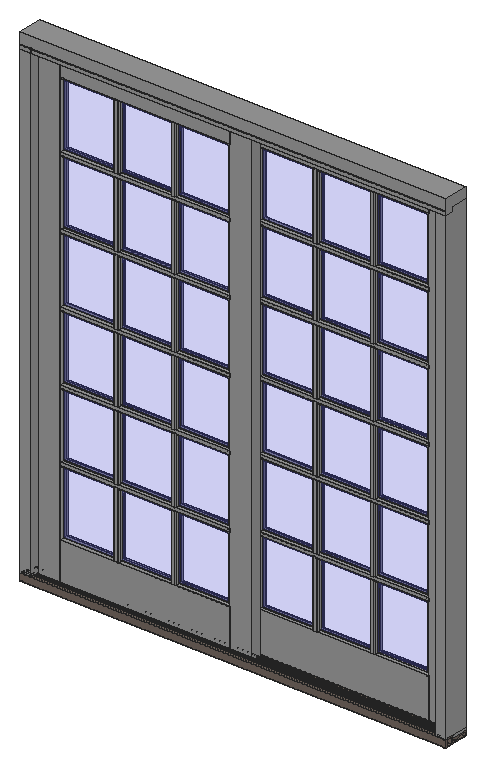
Revit family "VSDA1.8SP RH", category Doors, host Wall, Revit 2015 (continued)
Automatic sketch dimensions
  Extrusion 5 sketch curve to Extrusion 5 sketch curve = 0 mm
  Extrusion 5 sketch curve to Extrusion 5 sketch curve = 7 mm
  Extrusion 5 sketch curve to Extrusion 5 sketch curve = 17 mm
  Extrusion 5 sketch curve to Extrusion 5 sketch curve = 3 mm  (x3)
  plane 5 to Extrusion 5 sketch curve = 65 mm
  Extrusion 5 sketch curve to Extrusion 5 sketch curve = 3.5 mm
  Extrusion 5 sketch curve to Extrusion 5 sketch curve = 12.5 mm
  Extrusion 6 sketch curve to plane 3 "Left" = 0 mm
  Extrusion 6 sketch curve to plane 4 "Right" = 0 mm
  Extrusion 6 sketch curve to plane 3 "Left" = 43 mm
  host wall to Extrusion 6 sketch curve = 19.5 mm  (x2)
  Extrusion 6 sketch curve to plane 3 "Left" = 45 mm
  plane 4 "Right" to Extrusion 6 sketch curve = 45 mm
  Extrusion 6 sketch curve to Extrusion 6 sketch curve = 2 mm
  Extrusion 6 sketch curve to host wall = 32.5 mm  (x2)
  Extrusion 6 sketch curve to Extrusion 6 sketch curve = 20 mm  (x2)
  host wall to Extrusion 7 sketch curve = 15.5 mm  (x2)
  Extrusion 7 sketch curve to plane 3 "Left" = 45 mm
  Extrusion 7 sketch curve to Extrusion 7 sketch curve = 96 mm
  Extrusion 7 sketch curve to Extrusion 7 sketch curve = 0 mm  (x3)
  Extrusion 7 sketch curve to Extrusion 7 sketch curve = 0.473 mm  (x5)
  Extrusion 7 sketch curve to Extrusion 7 sketch curve = 6.527 mm  (x4)
  Extrusion 7 sketch curve to Extrusion 7 sketch curve = 2 mm  (x10)
  Extrusion 7 sketch curve to host wall = 4 mm  (x2)
  Extrusion 7 sketch curve to plane 2 "Center (Left/Right)" = 52.5 mm
  host wall to Extrusion 7 sketch curve = 7.5 mm  (x2)
  Extrusion 7 sketch curve to Extrusion 7 sketch curve = 9 mm  (x2)
  plane 2 "Center (Left/Right)" to Extrusion 7 sketch curve = 43.5 mm
  Extrusion 7 sketch curve to host wall = 36 mm
  plane 4 "Right" to Extrusion 7 sketch curve = 150 mm
  plane 4 "Right" to Extrusion 7 sketch curve = 45 mm
  Extrusion 7 sketch curve to Extrusion 7 sketch curve = 1.468 mm  (x2)
  Extrusion 7 sketch curve to host wall = 24.5 mm  (x2)
  Extrusion 7 sketch curve to Extrusion 7 sketch curve = 6.5 mm
  Extrusion 7 sketch curve to host wall = 31 mm
  Extrusion 7 sketch curve to Extrusion 7 sketch curve = 6 mm
  host wall to Extrusion 8 sketch curve = 15.5 mm  (x7)
  Extrusion 8 sketch curve to Extrusion 8 sketch curve = 2 mm  (x28)
  host wall to Extrusion 8 sketch curve = 7.5 mm  (x12)
  host wall to Extrusion 8 sketch curve = 6.697 mm  (x12)
  Extrusion 8 sketch curve to Extrusion 8 sketch curve = 1.197 mm  (x8)
  Extrusion 8 sketch curve to host wall = 24.5 mm  (x7)
  level to Extrusion 8 sketch curve = 19 mm
  Extrusion 8 sketch curve to Extrusion 8 sketch curve = 171 mm
  Extrusion 8 sketch curve to Extrusion 8 sketch curve = 0 mm  (x4)
  Extrusion 8 sketch curve to Extrusion 8 sketch curve = 0.241 mm  (x12)
  Extrusion 8 sketch curve to Extrusion 8 sketch curve = 266 mm  (x5)
  Extrusion 8 sketch curve to Extrusion 8 sketch curve = 6.759 mm  (x6)
  Extrusion 8 sketch curve to Extrusion 8 sketch curve = 13 mm  (x7)
  plane 5 to Extrusion 8 sketch curve = 150 mm
  plane 5 to Extrusion 8 sketch curve = 45 mm
  Extrusion 9 sketch curve to host wall = 31 mm  (x7)
  Extrusion 9 sketch curve to Extrusion 9 sketch curve = 2 mm  (x28)
  Extrusion 9 sketch curve to Extrusion 9 sketch curve = 6 mm  (x12)
  Extrusion 9 sketch curve to Extrusion 9 sketch curve = 0.803 mm  (x8)
  Extrusion 9 sketch curve to Extrusion 9 sketch curve = 6.803 mm  (x4)
  Extrusion 9 sketch curve to Extrusion 9 sketch curve = 1.197 mm  (x8)
  Extrusion 9 sketch curve to host wall = 4 mm  (x7)
  level to Extrusion 9 sketch curve = 19 mm
  Extrusion 9 sketch curve to Extrusion 9 sketch curve = 171 mm
  Extrusion 9 sketch curve to Extrusion 9 sketch curve = 0 mm  (x4)
  Extrusion 9 sketch curve to Extrusion 9 sketch curve = 0.241 mm  (x12)
  Extrusion 9 sketch curve to Extrusion 9 sketch curve = 266 mm  (x5)
  Extrusion 9 sketch curve to Extrusion 9 sketch curve = 6.759 mm  (x6)
  Extrusion 9 sketch curve to Extrusion 9 sketch curve = 13 mm  (x7)
  plane 5 to Extrusion 9 sketch curve = 150 mm
  plane 5 to Extrusion 9 sketch curve = 45 mm
  Sweep 10 sketch curve to Sweep 10 sketch curve = 233.167 mm
  Sweep 10 sketch curve to Sweep 10 sketch curve = 284 mm
  profile plane to Sweep 10 sketch curve = 0 mm
  profile plane to Sweep 10 sketch curve = 0.241 mm
  Sweep 10 sketch curve to Sweep 10 sketch curve = 6.759 mm
  Sweep 10 sketch curve to Sweep 10 sketch curve = 2 mm  (x2)
  Sweep 10 sketch curve to profile plane = 132.5 mm
  Sweep 10 sketch curve to Sweep 10 sketch curve = 6 mm
  plane 2 "Center (Left/Right)" to Extrusion 11 sketch curve = 43.5 mm  (x2)
  Extrusion 11 sketch curve to Extrusion 11 sketch curve = 0 mm  (x22)
  Extrusion 11 sketch curve to Extrusion 11 sketch curve = 233.167 mm  (x6)
  Extrusion 11 sketch curve to Extrusion 11 sketch curve = 13 mm  (x20)
  plane 4 "Right" to Extrusion 11 sketch curve = 141.01 mm  (x3)
  level to Extrusion 11 sketch curve = 190 mm  (x3)
  Extrusion 11 sketch curve to Extrusion 11 sketch curve = 283.988 mm  (x5)
  Extrusion 11 sketch curve to Extrusion 11 sketch curve = 0.012 mm  (x5)
  Extrusion 11 sketch curve to Extrusion 11 sketch curve = 13.012 mm  (x4)
  plane 5 to Extrusion 11 sketch curve = 141.012 mm
  plane 5 to Extrusion 11 sketch curve = 141 mm
  curve 4 to plane 2 "Center (Left/Right)" = 309.078 mm
  curve 1 to curve 4 = 139.078 mm
  level to curve 4 = 868.809 mm
  curve 3 to curve 2 = 56.191 mm
  curve 3 to curve 3 = 112.382 mm
  curve 1 to plane 3 "Left" = 260 mm
  curve 1 to curve 2 = 56.191 mm
  Extrusion 12 sketch curve to host wall = 34 mm  (x2)
  plane 2 "Center (Left/Right)" to Extrusion 12 sketch curve = 267.667 mm
  Extrusion 12 sketch curve to Extrusion 12 sketch curve = 2 mm  (x9)
  Extrusion 12 sketch curve to Extrusion 12 sketch curve = 6.759 mm  (x4)
  Extrusion 12 sketch curve to Extrusion 12 sketch curve = 0.241 mm  (x6)
  Extrusion 12 sketch curve to host wall = 4 mm  (x2)
  Extrusion 12 sketch curve to Extrusion 12 sketch curve = 13 mm  (x3)
  Extrusion 12 sketch curve to Extrusion 12 sketch curve = 215.167 mm
  Extrusion 12 sketch curve to Extrusion 12 sketch curve = 0 mm  (x2)
  Extrusion 12 sketch curve to Extrusion 12 sketch curve = 1.197 mm  (x5)
  Extrusion 12 sketch curve to Extrusion 12 sketch curve = 0.803 mm
  Extrusion 13 sketch curve to host wall = 34 mm  (x2)
  plane 2 "Center (Left/Right)" to Extrusion 13 sketch curve = 267.667 mm
  Extrusion 13 sketch curve to Extrusion 13 sketch curve = 2 mm  (x9)
  Extrusion 13 sketch curve to Extrusion 13 sketch curve = 6.759 mm  (x4)
  Extrusion 13 sketch curve to Extrusion 13 sketch curve = 0.241 mm  (x6)
  Extrusion 13 sketch curve to host wall = 4 mm  (x2)
  Extrusion 13 sketch curve to Extrusion 13 sketch curve = 13 mm  (x3)
  Extrusion 13 sketch curve to Extrusion 13 sketch curve = 215.167 mm
  Extrusion 13 sketch curve to Extrusion 13 sketch curve = 0 mm  (x2)
  Extrusion 13 sketch curve to Extrusion 13 sketch curve = 1.197 mm  (x5)
  Extrusion 13 sketch curve to Extrusion 13 sketch curve = 0.803 mm
  Extrusion 14 sketch curve to host wall = 34 mm  (x2)
  plane 2 "Center (Left/Right)" to Extrusion 14 sketch curve = 267.667 mm
  Extrusion 14 sketch curve to Extrusion 14 sketch curve = 2 mm  (x9)
  Extrusion 14 sketch curve to Extrusion 14 sketch curve = 6.759 mm  (x4)
  Extrusion 14 sketch curve to Extrusion 14 sketch curve = 0.241 mm  (x6)
  Extrusion 14 sketch curve to host wall = 4 mm  (x2)
  Extrusion 14 sketch curve to Extrusion 14 sketch curve = 13 mm  (x3)
  Extrusion 14 sketch curve to Extrusion 14 sketch curve = 215.167 mm
  Extrusion 14 sketch curve to Extrusion 14 sketch curve = 0 mm  (x2)
  Extrusion 14 sketch curve to Extrusion 14 sketch curve = 1.197 mm  (x5)
  Extrusion 14 sketch curve to Extrusion 14 sketch curve = 0.803 mm
  Extrusion 15 sketch curve to host wall = 34 mm  (x2)
  plane 2 "Center (Left/Right)" to Extrusion 15 sketch curve = 267.667 mm
  Extrusion 15 sketch curve to Extrusion 15 sketch curve = 2 mm  (x9)
  Extrusion 15 sketch curve to Extrusion 15 sketch curve = 6.759 mm  (x4)
  Extrusion 15 sketch curve to Extrusion 15 sketch curve = 0.241 mm  (x6)
  Extrusion 15 sketch curve to host wall = 4 mm  (x2)
  Extrusion 15 sketch curve to Extrusion 15 sketch curve = 13 mm  (x3)
  Extrusion 15 sketch curve to Extrusion 15 sketch curve = 215.167 mm
  Extrusion 15 sketch curve to Extrusion 15 sketch curve = 0 mm  (x2)
  Extrusion 15 sketch curve to Extrusion 15 sketch curve = 1.197 mm  (x5)
  Extrusion 15 sketch curve to Extrusion 15 sketch curve = 0.803 mm
  Extrusion 16 sketch curve to host wall = 34 mm  (x2)
  plane 2 "Center (Left/Right)" to Extrusion 16 sketch curve = 267.667 mm
  Extrusion 16 sketch curve to Extrusion 16 sketch curve = 2 mm  (x9)
  Extrusion 16 sketch curve to Extrusion 16 sketch curve = 6.759 mm  (x4)
  Extrusion 16 sketch curve to Extrusion 16 sketch curve = 0.241 mm  (x6)
  Extrusion 16 sketch curve to host wall = 4 mm  (x2)
  Extrusion 16 sketch curve to Extrusion 16 sketch curve = 13 mm  (x3)
  Extrusion 16 sketch curve to Extrusion 16 sketch curve = 215.167 mm
  Extrusion 16 sketch curve to Extrusion 16 sketch curve = 0 mm  (x2)
  Extrusion 16 sketch curve to Extrusion 16 sketch curve = 1.197 mm  (x5)
  Extrusion 16 sketch curve to Extrusion 16 sketch curve = 0.803 mm
  Extrusion 17 sketch curve to host wall = 34 mm  (x2)
  plane 2 "Center (Left/Right)" to Extrusion 17 sketch curve = 267.667 mm
  Extrusion 17 sketch curve to Extrusion 17 sketch curve = 2 mm  (x9)
  Extrusion 17 sketch curve to Extrusion 17 sketch curve = 6.759 mm  (x4)
  Extrusion 17 sketch curve to Extrusion 17 sketch curve = 0.241 mm  (x6)
  Extrusion 17 sketch curve to host wall = 4 mm  (x2)
  Extrusion 17 sketch curve to Extrusion 17 sketch curve = 13 mm  (x3)
  Extrusion 17 sketch curve to Extrusion 17 sketch curve = 215.167 mm
  Extrusion 17 sketch curve to Extrusion 17 sketch curve = 0 mm  (x2)
  Extrusion 17 sketch curve to Extrusion 17 sketch curve = 1.197 mm  (x5)
  Extrusion 17 sketch curve to Extrusion 17 sketch curve = 0.803 mm
  plane 2 "Center (Left/Right)" to Sweep 18 sketch curve = 289.667 mm
  Sweep 18 sketch curve to Sweep 18 sketch curve = 233.167 mm
  plane 5 to Sweep 18 sketch curve = 425 mm
  plane 5 to Sweep 18 sketch curve = 141 mm
  profile plane to Sweep 18 sketch curve = 0 mm
  profile plane to Sweep 18 sketch curve = 0.241 mm
  Sweep 18 sketch curve to Sweep 18 sketch curve = 6.759 mm
  Sweep 18 sketch curve to Sweep 18 sketch curve = 2 mm  (x2)
  Sweep 18 sketch curve to profile plane = 132.5 mm
  Sweep 18 sketch curve to Sweep 18 sketch curve = 6 mm
  plane 2 "Center (Left/Right)" to Sweep 19 sketch curve = 43.5 mm
  Sweep 19 sketch curve to Sweep 19 sketch curve = 233.167 mm
  plane 5 to Sweep 19 sketch curve = 425 mm
  plane 5 to Sweep 19 sketch curve = 141 mm
  profile plane to Sweep 19 sketch curve = 0 mm
  profile plane to Sweep 19 sketch curve = 0.241 mm
  Sweep 19 sketch curve to Sweep 19 sketch curve = 6.759 mm
  Sweep 19 sketch curve to Sweep 19 sketch curve = 2 mm  (x2)
  Sweep 19 sketch curve to profile plane = 132.5 mm
  Sweep 19 sketch curve to Sweep 19 sketch curve = 6 mm
  plane 4 "Right" to Sweep 20 sketch curve = 374.167 mm
  plane 4 "Right" to Sweep 20 sketch curve = 141 mm
  plane 5 to Sweep 20 sketch curve = 722 mm
  Sweep 20 sketch curve to Sweep 20 sketch curve = 284 mm
  profile plane to Sweep 20 sketch curve = 0 mm
  profile plane to Sweep 20 sketch curve = 0.241 mm
  Sweep 20 sketch curve to Sweep 20 sketch curve = 6.759 mm
  Sweep 20 sketch curve to Sweep 20 sketch curve = 2 mm  (x2)
  Sweep 20 sketch curve to profile plane = 132.5 mm
  Sweep 20 sketch curve to Sweep 20 sketch curve = 6 mm
  plane 2 "Center (Left/Right)" to Sweep 21 sketch curve = 289.667 mm
  Sweep 21 sketch curve to Sweep 21 sketch curve = 233.167 mm
  plane 5 to Sweep 21 sketch curve = 722 mm
  Sweep 21 sketch curve to Sweep 21 sketch curve = 284 mm
  profile plane to Sweep 21 sketch curve = 0 mm
  profile plane to Sweep 21 sketch curve = 0.241 mm
  Sweep 21 sketch curve to Sweep 21 sketch curve = 6.759 mm
  Sweep 21 sketch curve to Sweep 21 sketch curve = 2 mm  (x2)
  Sweep 21 sketch curve to profile plane = 132.5 mm
  Sweep 21 sketch curve to Sweep 21 sketch curve = 6 mm
  plane 2 "Center (Left/Right)" to Sweep 22 sketch curve = 43.5 mm
  Sweep 22 sketch curve to Sweep 22 sketch curve = 233.167 mm
  plane 5 to Sweep 22 sketch curve = 722 mm
  Sweep 22 sketch curve to Sweep 22 sketch curve = 284 mm
  profile plane to Sweep 22 sketch curve = 0 mm
  profile plane to Sweep 22 sketch curve = 0.241 mm
  Sweep 22 sketch curve to Sweep 22 sketch curve = 6.759 mm
  Sweep 22 sketch curve to Sweep 22 sketch curve = 2 mm  (x2)
  Sweep 22 sketch curve to profile plane = 132.5 mm
  Sweep 22 sketch curve to Sweep 22 sketch curve = 6 mm
  plane 4 "Right" to Sweep 23 sketch curve = 374.167 mm
  plane 4 "Right" to Sweep 23 sketch curve = 141 mm
  plane 5 to Sweep 23 sketch curve = 1019 mm
  Sweep 23 sketch curve to Sweep 23 sketch curve = 284 mm
  profile plane to Sweep 23 sketch curve = 0 mm
  profile plane to Sweep 23 sketch curve = 0.241 mm
  Sweep 23 sketch curve to Sweep 23 sketch curve = 6.759 mm
  Sweep 23 sketch curve to Sweep 23 sketch curve = 2 mm  (x2)
  Sweep 23 sketch curve to profile plane = 132.5 mm
  Sweep 23 sketch curve to Sweep 23 sketch curve = 6 mm
  plane 2 "Center (Left/Right)" to Sweep 24 sketch curve = 289.667 mm
  Sweep 24 sketch curve to Sweep 24 sketch curve = 233.167 mm
  plane 5 to Sweep 24 sketch curve = 1019 mm
  Sweep 24 sketch curve to Sweep 24 sketch curve = 284 mm
  profile plane to Sweep 24 sketch curve = 0 mm
  profile plane to Sweep 24 sketch curve = 0.241 mm
  Sweep 24 sketch curve to Sweep 24 sketch curve = 6.759 mm
  Sweep 24 sketch curve to Sweep 24 sketch curve = 2 mm  (x2)
  Sweep 24 sketch curve to profile plane = 132.5 mm
  Sweep 24 sketch curve to Sweep 24 sketch curve = 6 mm
  plane 2 "Center (Left/Right)" to Sweep 25 sketch curve = 43.5 mm
  Sweep 25 sketch curve to Sweep 25 sketch curve = 233.167 mm
  plane 5 to Sweep 25 sketch curve = 1019 mm
  Sweep 25 sketch curve to Sweep 25 sketch curve = 284 mm
  profile plane to Sweep 25 sketch curve = 0 mm
  profile plane to Sweep 25 sketch curve = 0.241 mm
  Sweep 25 sketch curve to Sweep 25 sketch curve = 6.759 mm
  Sweep 25 sketch curve to Sweep 25 sketch curve = 2 mm  (x2)
  Sweep 25 sketch curve to profile plane = 132.5 mm
  Sweep 25 sketch curve to Sweep 25 sketch curve = 6 mm
  plane 4 "Right" to Sweep 26 sketch curve = 374.167 mm
  plane 4 "Right" to Sweep 26 sketch curve = 141 mm
  level to Sweep 26 sketch curve = 784 mm
  Sweep 26 sketch curve to Sweep 26 sketch curve = 284 mm
  profile plane to Sweep 26 sketch curve = 0 mm
  profile plane to Sweep 26 sketch curve = 0.241 mm
  Sweep 26 sketch curve to Sweep 26 sketch curve = 6.759 mm
  Sweep 26 sketch curve to Sweep 26 sketch curve = 2 mm  (x2)
  Sweep 26 sketch curve to profile plane = 132.5 mm
  Sweep 26 sketch curve to Sweep 26 sketch curve = 6 mm
  plane 2 "Center (Left/Right)" to Sweep 27 sketch curve = 289.667 mm
  Sweep 27 sketch curve to Sweep 27 sketch curve = 233.167 mm
  level to Sweep 27 sketch curve = 784 mm
  Sweep 27 sketch curve to Sweep 27 sketch curve = 284 mm
  profile plane to Sweep 27 sketch curve = 0 mm
  profile plane to Sweep 27 sketch curve = 0.241 mm
  Sweep 27 sketch curve to Sweep 27 sketch curve = 6.759 mm
  Sweep 27 sketch curve to Sweep 27 sketch curve = 2 mm  (x2)
  Sweep 27 sketch curve to profile plane = 132.5 mm
  Sweep 27 sketch curve to Sweep 27 sketch curve = 6 mm
  plane 2 "Center (Left/Right)" to Sweep 28 sketch curve = 43.5 mm
  Sweep 28 sketch curve to Sweep 28 sketch curve = 233.167 mm
  level to Sweep 28 sketch curve = 784 mm
  Sweep 28 sketch curve to Sweep 28 sketch curve = 284 mm
  profile plane to Sweep 28 sketch curve = 0 mm
  profile plane to Sweep 28 sketch curve = 0.241 mm
  Sweep 28 sketch curve to Sweep 28 sketch curve = 6.759 mm
  Sweep 28 sketch curve to Sweep 28 sketch curve = 2 mm  (x2)
  Sweep 28 sketch curve to profile plane = 132.5 mm
  Sweep 28 sketch curve to Sweep 28 sketch curve = 6 mm
  plane 4 "Right" to Sweep 29 sketch curve = 374.167 mm
  plane 4 "Right" to Sweep 29 sketch curve = 141 mm
  level to Sweep 29 sketch curve = 487 mm
  Sweep 29 sketch curve to Sweep 29 sketch curve = 284 mm
  profile plane to Sweep 29 sketch curve = 0 mm
  profile plane to Sweep 29 sketch curve = 0.241 mm
  Sweep 29 sketch curve to Sweep 29 sketch curve = 6.759 mm
  Sweep 29 sketch curve to Sweep 29 sketch curve = 2 mm  (x2)
  Sweep 29 sketch curve to profile plane = 132.5 mm
  Sweep 29 sketch curve to Sweep 29 sketch curve = 6 mm
  plane 2 "Center (Left/Right)" to Sweep 30 sketch curve = 289.667 mm
  Sweep 30 sketch curve to Sweep 30 sketch curve = 233.167 mm
  level to Sweep 30 sketch curve = 487 mm
  Sweep 30 sketch curve to Sweep 30 sketch curve = 284 mm
  profile plane to Sweep 30 sketch curve = 0 mm
  profile plane to Sweep 30 sketch curve = 0.241 mm
  Sweep 30 sketch curve to Sweep 30 sketch curve = 6.759 mm
  Sweep 30 sketch curve to Sweep 30 sketch curve = 2 mm  (x2)
  Sweep 30 sketch curve to profile plane = 132.5 mm
  Sweep 30 sketch curve to Sweep 30 sketch curve = 6 mm
  plane 2 "Center (Left/Right)" to Sweep 31 sketch curve = 43.5 mm
  Sweep 31 sketch curve to Sweep 31 sketch curve = 233.167 mm
  level to Sweep 31 sketch curve = 487 mm
  Sweep 31 sketch curve to Sweep 31 sketch curve = 284 mm
  profile plane to Sweep 31 sketch curve = 0 mm
  profile plane to Sweep 31 sketch curve = 0.241 mm
  Sweep 31 sketch curve to Sweep 31 sketch curve = 6.759 mm
  Sweep 31 sketch curve to Sweep 31 sketch curve = 2 mm  (x2)
  Sweep 31 sketch curve to profile plane = 132.5 mm
  Sweep 31 sketch curve to Sweep 31 sketch curve = 6 mm
  plane 4 "Right" to Sweep 32 sketch curve = 374.167 mm
  plane 4 "Right" to Sweep 32 sketch curve = 141 mm
  level to Sweep 32 sketch curve = 190 mm
  Sweep 32 sketch curve to Sweep 32 sketch curve = 284 mm
  profile plane to Sweep 32 sketch curve = 0 mm
  profile plane to Sweep 32 sketch curve = 0.241 mm
  Sweep 32 sketch curve to Sweep 32 sketch curve = 6.759 mm
  Sweep 32 sketch curve to Sweep 32 sketch curve = 2 mm  (x2)
  Sweep 32 sketch curve to profile plane = 132.5 mm
  Sweep 32 sketch curve to Sweep 32 sketch curve = 6 mm
  plane 2 "Center (Left/Right)" to Sweep 33 sketch curve = 289.667 mm
  Sweep 33 sketch curve to Sweep 33 sketch curve = 233.167 mm
  level to Sweep 33 sketch curve = 190 mm
  Sweep 33 sketch curve to Sweep 33 sketch curve = 284 mm
  profile plane to Sweep 33 sketch curve = 0 mm
  profile plane to Sweep 33 sketch curve = 0.241 mm
  Sweep 33 sketch curve to Sweep 33 sketch curve = 6.759 mm
  Sweep 33 sketch curve to Sweep 33 sketch curve = 2 mm  (x2)
  Sweep 33 sketch curve to profile plane = 132.5 mm
  Sweep 33 sketch curve to Sweep 33 sketch curve = 6 mm
  plane 2 "Center (Left/Right)" to Sweep 34 sketch curve = 43.5 mm
  Sweep 34 sketch curve to Sweep 34 sketch curve = 233.167 mm
  level to Sweep 34 sketch curve = 190 mm
  Sweep 34 sketch curve to Sweep 34 sketch curve = 284 mm
  profile plane to Sweep 34 sketch curve = 0 mm
  profile plane to Sweep 34 sketch curve = 0.241 mm
  Sweep 34 sketch curve to Sweep 34 sketch curve = 6.759 mm
  Sweep 34 sketch curve to Sweep 34 sketch curve = 2 mm  (x2)
  Sweep 34 sketch curve to profile plane = 132.5 mm
  Sweep 34 sketch curve to Sweep 34 sketch curve = 6 mm
  Sweep 35 sketch curve to plane 2 "Center (Left/Right)" = 276.667 mm
  Sweep 35 sketch curve to plane 2 "Center (Left/Right)" = 43.5 mm
  plane 5 to Sweep 35 sketch curve = 425 mm
  plane 5 to Sweep 35 sketch curve = 141 mm
  profile plane to Sweep 35 sketch curve = 0 mm
  profile plane to Sweep 35 sketch curve = 0.241 mm
  Sweep 35 sketch curve to Sweep 35 sketch curve = 6.759 mm
  Sweep 35 sketch curve to Sweep 35 sketch curve = 2 mm  (x2)
  Sweep 35 sketch curve to profile plane = 132.5 mm
  Sweep 35 sketch curve to Sweep 35 sketch curve = 6 mm
  Extrusion 36 sketch curve to plane 3 "Left" = 141 mm  (x2)
  Extrusion 36 sketch curve to Extrusion 36 sketch curve = 0 mm  (x22)
  Extrusion 36 sketch curve to Extrusion 36 sketch curve = 233.167 mm  (x6)
  Extrusion 36 sketch curve to Extrusion 36 sketch curve = 13 mm  (x20)
  Extrusion 36 sketch curve to plane 2 "Center (Left/Right)" = 43.51 mm  (x3)
  level to Extrusion 36 sketch curve = 190 mm  (x3)
  Extrusion 36 sketch curve to Extrusion 36 sketch curve = 283.988 mm  (x5)
  Extrusion 36 sketch curve to Extrusion 36 sketch curve = 0.012 mm  (x5)
  Extrusion 36 sketch curve to Extrusion 36 sketch curve = 13.012 mm  (x4)
  plane 5 to Extrusion 36 sketch curve = 141.012 mm
  plane 5 to Extrusion 36 sketch curve = 141 mm
  host wall to Extrusion 37 sketch curve = 5.5 mm  (x3)
  Extrusion 37 sketch curve to plane 3 "Left" = 365.167 mm
  Extrusion 37 sketch curve to Extrusion 37 sketch curve = 2 mm  (x9)
  Extrusion 37 sketch curve to Extrusion 37 sketch curve = 6.759 mm  (x4)
  Extrusion 37 sketch curve to Extrusion 37 sketch curve = 0.241 mm  (x6)
  Extrusion 37 sketch curve to Extrusion 37 sketch curve = 13 mm  (x3)
  Extrusion 37 sketch curve to Extrusion 37 sketch curve = 215.167 mm
  Extrusion 37 sketch curve to Extrusion 37 sketch curve = 0 mm
  Extrusion 37 sketch curve to Extrusion 37 sketch curve = 1.197 mm  (x4)
  host wall to Extrusion 37 sketch curve = 6.697 mm
  Extrusion 37 sketch curve to Extrusion 37 sketch curve = 0.803 mm
  Extrusion 37 sketch curve to host wall = 24.5 mm  (x2)
  host wall to Extrusion 38 sketch curve = 5.5 mm  (x3)
  Extrusion 38 sketch curve to plane 3 "Left" = 365.167 mm
  Extrusion 38 sketch curve to Extrusion 38 sketch curve = 2 mm  (x9)
  Extrusion 38 sketch curve to Extrusion 38 sketch curve = 6.759 mm  (x4)
  Extrusion 38 sketch curve to Extrusion 38 sketch curve = 0.241 mm  (x6)
  Extrusion 38 sketch curve to Extrusion 38 sketch curve = 13 mm  (x3)
  Extrusion 38 sketch curve to Extrusion 38 sketch curve = 215.167 mm
  Extrusion 38 sketch curve to Extrusion 38 sketch curve = 0 mm
  Extrusion 38 sketch curve to Extrusion 38 sketch curve = 1.197 mm  (x4)
  host wall to Extrusion 38 sketch curve = 6.697 mm
  Extrusion 38 sketch curve to Extrusion 38 sketch curve = 0.803 mm
  Extrusion 38 sketch curve to host wall = 24.5 mm  (x2)
  host wall to Extrusion 39 sketch curve = 5.5 mm  (x3)
  Extrusion 39 sketch curve to plane 3 "Left" = 365.167 mm
  Extrusion 39 sketch curve to Extrusion 39 sketch curve = 2 mm  (x9)
  Extrusion 39 sketch curve to Extrusion 39 sketch curve = 6.759 mm  (x4)
  Extrusion 39 sketch curve to Extrusion 39 sketch curve = 0.241 mm  (x6)
  Extrusion 39 sketch curve to Extrusion 39 sketch curve = 13 mm  (x3)
  Extrusion 39 sketch curve to Extrusion 39 sketch curve = 215.167 mm
  Extrusion 39 sketch curve to Extrusion 39 sketch curve = 0 mm
  Extrusion 39 sketch curve to Extrusion 39 sketch curve = 1.197 mm  (x4)
  host wall to Extrusion 39 sketch curve = 6.697 mm
  Extrusion 39 sketch curve to Extrusion 39 sketch curve = 0.803 mm
  Extrusion 39 sketch curve to host wall = 24.5 mm  (x2)
  host wall to Extrusion 40 sketch curve = 5.5 mm  (x3)
  Extrusion 40 sketch curve to plane 3 "Left" = 365.167 mm
  Extrusion 40 sketch curve to Extrusion 40 sketch curve = 2 mm  (x9)
  Extrusion 40 sketch curve to Extrusion 40 sketch curve = 6.759 mm  (x4)
  Extrusion 40 sketch curve to Extrusion 40 sketch curve = 0.241 mm  (x6)
  Extrusion 40 sketch curve to Extrusion 40 sketch curve = 13 mm  (x3)
  Extrusion 40 sketch curve to Extrusion 40 sketch curve = 215.167 mm
  Extrusion 40 sketch curve to Extrusion 40 sketch curve = 0 mm
  Extrusion 40 sketch curve to Extrusion 40 sketch curve = 1.197 mm  (x4)
  host wall to Extrusion 40 sketch curve = 6.697 mm
  Extrusion 40 sketch curve to Extrusion 40 sketch curve = 0.803 mm
  Extrusion 40 sketch curve to host wall = 24.5 mm  (x2)
  host wall to Extrusion 41 sketch curve = 5.5 mm  (x3)
  Extrusion 41 sketch curve to plane 3 "Left" = 365.167 mm
  Extrusion 41 sketch curve to Extrusion 41 sketch curve = 2 mm  (x9)
  Extrusion 41 sketch curve to Extrusion 41 sketch curve = 6.759 mm  (x4)
  Extrusion 41 sketch curve to Extrusion 41 sketch curve = 0.241 mm  (x6)
  Extrusion 41 sketch curve to Extrusion 41 sketch curve = 13 mm  (x3)
  Extrusion 41 sketch curve to Extrusion 41 sketch curve = 215.167 mm
  Extrusion 41 sketch curve to Extrusion 41 sketch curve = 0 mm
  Extrusion 41 sketch curve to Extrusion 41 sketch curve = 1.197 mm  (x4)
  host wall to Extrusion 41 sketch curve = 6.697 mm
  Extrusion 41 sketch curve to Extrusion 41 sketch curve = 0.803 mm
  Extrusion 41 sketch curve to host wall = 24.5 mm  (x2)
  host wall to Extrusion 42 sketch curve = 5.5 mm  (x3)
  Extrusion 42 sketch curve to plane 3 "Left" = 365.167 mm
  Extrusion 42 sketch curve to Extrusion 42 sketch curve = 2 mm  (x9)
  Extrusion 42 sketch curve to Extrusion 42 sketch curve = 6.759 mm  (x4)
  Extrusion 42 sketch curve to Extrusion 42 sketch curve = 0.241 mm  (x6)
  Extrusion 42 sketch curve to Extrusion 42 sketch curve = 13 mm  (x3)
  Extrusion 42 sketch curve to Extrusion 42 sketch curve = 215.167 mm
  Extrusion 42 sketch curve to Extrusion 42 sketch curve = 0 mm
  Extrusion 42 sketch curve to Extrusion 42 sketch curve = 1.197 mm  (x4)
  host wall to Extrusion 42 sketch curve = 6.697 mm
  Extrusion 42 sketch curve to Extrusion 42 sketch curve = 0.803 mm
  Extrusion 42 sketch curve to host wall = 24.5 mm  (x2)
  Sweep 43 sketch curve to plane 3 "Left" = 387.167 mm
  Sweep 43 sketch curve to Sweep 43 sketch curve = 233.167 mm
  plane 5 to Sweep 43 sketch curve = 425 mm
  plane 5 to Sweep 43 sketch curve = 141 mm
  profile plane to Sweep 43 sketch curve = 0 mm
  profile plane to Sweep 43 sketch curve = 0.241 mm
  Sweep 43 sketch curve to Sweep 43 sketch curve = 6.759 mm
  Sweep 43 sketch curve to Sweep 43 sketch curve = 2 mm  (x2)
  Sweep 43 sketch curve to profile plane = 132.5 mm
  Sweep 43 sketch curve to Sweep 43 sketch curve = 6 mm
  Sweep 44 sketch curve to plane 3 "Left" = 141 mm
  Sweep 44 sketch curve to Sweep 44 sketch curve = 233.167 mm
  plane 5 to Sweep 44 sketch curve = 425 mm
  plane 5 to Sweep 44 sketch curve = 141 mm
  profile plane to Sweep 44 sketch curve = 0 mm
  profile plane to Sweep 44 sketch curve = 0.241 mm
  Sweep 44 sketch curve to Sweep 44 sketch curve = 6.759 mm
  Sweep 44 sketch curve to Sweep 44 sketch curve = 2 mm  (x2)
  Sweep 44 sketch curve to profile plane = 132.5 mm
  Sweep 44 sketch curve to Sweep 44 sketch curve = 6 mm
  Sweep 45 sketch curve to plane 2 "Center (Left/Right)" = 276.667 mm
  Sweep 45 sketch curve to plane 2 "Center (Left/Right)" = 43.5 mm
  plane 5 to Sweep 45 sketch curve = 722 mm
  Sweep 45 sketch curve to Sweep 45 sketch curve = 284 mm
  profile plane to Sweep 45 sketch curve = 0 mm
  profile plane to Sweep 45 sketch curve = 0.241 mm
  Sweep 45 sketch curve to Sweep 45 sketch curve = 6.759 mm
  Sweep 45 sketch curve to Sweep 45 sketch curve = 2 mm  (x2)
  Sweep 45 sketch curve to profile plane = 132.5 mm
  Sweep 45 sketch curve to Sweep 45 sketch curve = 6 mm
  Sweep 46 sketch curve to plane 3 "Left" = 387.167 mm
  Sweep 46 sketch curve to Sweep 46 sketch curve = 233.167 mm
  plane 5 to Sweep 46 sketch curve = 722 mm
  Sweep 46 sketch curve to Sweep 46 sketch curve = 284 mm
  profile plane to Sweep 46 sketch curve = 0 mm
  profile plane to Sweep 46 sketch curve = 0.241 mm
  Sweep 46 sketch curve to Sweep 46 sketch curve = 6.759 mm
  Sweep 46 sketch curve to Sweep 46 sketch curve = 2 mm  (x2)
  Sweep 46 sketch curve to profile plane = 132.5 mm
  Sweep 46 sketch curve to Sweep 46 sketch curve = 6 mm
  Sweep 47 sketch curve to plane 3 "Left" = 141 mm
  Sweep 47 sketch curve to Sweep 47 sketch curve = 233.167 mm
  plane 5 to Sweep 47 sketch curve = 722 mm
  Sweep 47 sketch curve to Sweep 47 sketch curve = 284 mm
  profile plane to Sweep 47 sketch curve = 0 mm
  profile plane to Sweep 47 sketch curve = 0.241 mm
  Sweep 47 sketch curve to Sweep 47 sketch curve = 6.759 mm
  Sweep 47 sketch curve to Sweep 47 sketch curve = 2 mm  (x2)
  Sweep 47 sketch curve to profile plane = 132.5 mm
  Sweep 47 sketch curve to Sweep 47 sketch curve = 6 mm
  Sweep 48 sketch curve to plane 2 "Center (Left/Right)" = 276.667 mm
  Sweep 48 sketch curve to plane 2 "Center (Left/Right)" = 43.5 mm
  plane 5 to Sweep 48 sketch curve = 1019 mm
  Sweep 48 sketch curve to Sweep 48 sketch curve = 284 mm
  profile plane to Sweep 48 sketch curve = 0 mm
  profile plane to Sweep 48 sketch curve = 0.241 mm
  Sweep 48 sketch curve to Sweep 48 sketch curve = 6.759 mm
  Sweep 48 sketch curve to Sweep 48 sketch curve = 2 mm  (x2)
  Sweep 48 sketch curve to profile plane = 132.5 mm
  Sweep 48 sketch curve to Sweep 48 sketch curve = 6 mm
  Sweep 49 sketch curve to plane 3 "Left" = 387.167 mm
  Sweep 49 sketch curve to Sweep 49 sketch curve = 233.167 mm
  plane 5 to Sweep 49 sketch curve = 1019 mm
  Sweep 49 sketch curve to Sweep 49 sketch curve = 284 mm
  profile plane to Sweep 49 sketch curve = 0 mm
  profile plane to Sweep 49 sketch curve = 0.241 mm
  Sweep 49 sketch curve to Sweep 49 sketch curve = 6.759 mm
  Sweep 49 sketch curve to Sweep 49 sketch curve = 2 mm  (x2)
  Sweep 49 sketch curve to profile plane = 132.5 mm
  Sweep 49 sketch curve to Sweep 49 sketch curve = 6 mm
  Sweep 50 sketch curve to plane 3 "Left" = 141 mm
  Sweep 50 sketch curve to Sweep 50 sketch curve = 233.167 mm
  plane 5 to Sweep 50 sketch curve = 1019 mm
  Sweep 50 sketch curve to Sweep 50 sketch curve = 284 mm
  profile plane to Sweep 50 sketch curve = 0 mm
  profile plane to Sweep 50 sketch curve = 0.241 mm
  Sweep 50 sketch curve to Sweep 50 sketch curve = 6.759 mm
  Sweep 50 sketch curve to Sweep 50 sketch curve = 2 mm  (x2)
  Sweep 50 sketch curve to profile plane = 132.5 mm
  Sweep 50 sketch curve to Sweep 50 sketch curve = 6 mm
  Sweep 51 sketch curve to plane 2 "Center (Left/Right)" = 276.667 mm
  Sweep 51 sketch curve to plane 2 "Center (Left/Right)" = 43.5 mm
  level to Sweep 51 sketch curve = 784 mm
  Sweep 51 sketch curve to Sweep 51 sketch curve = 284 mm
  profile plane to Sweep 51 sketch curve = 0 mm
  profile plane to Sweep 51 sketch curve = 0.241 mm
  Sweep 51 sketch curve to Sweep 51 sketch curve = 6.759 mm
  Sweep 51 sketch curve to Sweep 51 sketch curve = 2 mm  (x2)
  Sweep 51 sketch curve to profile plane = 132.5 mm
  Sweep 51 sketch curve to Sweep 51 sketch curve = 6 mm
  Sweep 52 sketch curve to plane 3 "Left" = 387.167 mm
  Sweep 52 sketch curve to Sweep 52 sketch curve = 233.167 mm
  level to Sweep 52 sketch curve = 784 mm
  Sweep 52 sketch curve to Sweep 52 sketch curve = 284 mm
  profile plane to Sweep 52 sketch curve = 0 mm
  profile plane to Sweep 52 sketch curve = 0.241 mm
  Sweep 52 sketch curve to Sweep 52 sketch curve = 6.759 mm
  Sweep 52 sketch curve to Sweep 52 sketch curve = 2 mm  (x2)
  Sweep 52 sketch curve to profile plane = 132.5 mm
  Sweep 52 sketch curve to Sweep 52 sketch curve = 6 mm
  Sweep 53 sketch curve to plane 3 "Left" = 141 mm
  Sweep 53 sketch curve to Sweep 53 sketch curve = 233.167 mm
  level to Sweep 53 sketch curve = 784 mm
  Sweep 53 sketch curve to Sweep 53 sketch curve = 284 mm
  profile plane to Sweep 53 sketch curve = 0 mm
  profile plane to Sweep 53 sketch curve = 0.241 mm
  Sweep 53 sketch curve to Sweep 53 sketch curve = 6.759 mm
  Sweep 53 sketch curve to Sweep 53 sketch curve = 2 mm  (x2)
  Sweep 53 sketch curve to profile plane = 132.5 mm
  Sweep 53 sketch curve to Sweep 53 sketch curve = 6 mm
  Sweep 54 sketch curve to plane 2 "Center (Left/Right)" = 276.667 mm
  Sweep 54 sketch curve to plane 2 "Center (Left/Right)" = 43.5 mm
  level to Sweep 54 sketch curve = 487 mm
  Sweep 54 sketch curve to Sweep 54 sketch curve = 284 mm
  profile plane to Sweep 54 sketch curve = 0 mm
  profile plane to Sweep 54 sketch curve = 0.241 mm
  Sweep 54 sketch curve to Sweep 54 sketch curve = 6.759 mm
  Sweep 54 sketch curve to Sweep 54 sketch curve = 2 mm  (x2)
  Sweep 54 sketch curve to profile plane = 132.5 mm
  Sweep 54 sketch curve to Sweep 54 sketch curve = 6 mm
  Sweep 55 sketch curve to plane 3 "Left" = 387.167 mm
  Sweep 55 sketch curve to Sweep 55 sketch curve = 233.167 mm
  level to Sweep 55 sketch curve = 487 mm
  Sweep 55 sketch curve to Sweep 55 sketch curve = 284 mm
  profile plane to Sweep 55 sketch curve = 0 mm
  profile plane to Sweep 55 sketch curve = 0.241 mm
  Sweep 55 sketch curve to Sweep 55 sketch curve = 6.759 mm
  Sweep 55 sketch curve to Sweep 55 sketch curve = 2 mm  (x2)
  Sweep 55 sketch curve to profile plane = 132.5 mm
  Sweep 55 sketch curve to Sweep 55 sketch curve = 6 mm
  Sweep 56 sketch curve to plane 3 "Left" = 141 mm
  Sweep 56 sketch curve to Sweep 56 sketch curve = 233.167 mm
  level to Sweep 56 sketch curve = 487 mm
  Sweep 56 sketch curve to Sweep 56 sketch curve = 284 mm
  profile plane to Sweep 56 sketch curve = 0 mm
  profile plane to Sweep 56 sketch curve = 0.241 mm
  Sweep 56 sketch curve to Sweep 56 sketch curve = 6.759 mm
  Sweep 56 sketch curve to Sweep 56 sketch curve = 2 mm  (x2)
  Sweep 56 sketch curve to profile plane = 132.5 mm
  Sweep 56 sketch curve to Sweep 56 sketch curve = 6 mm
  Sweep 57 sketch curve to plane 2 "Center (Left/Right)" = 276.667 mm
  Sweep 57 sketch curve to plane 2 "Center (Left/Right)" = 43.5 mm
  level to Sweep 57 sketch curve = 190 mm
  Sweep 57 sketch curve to Sweep 57 sketch curve = 284 mm
  profile plane to Sweep 57 sketch curve = 0 mm
  profile plane to Sweep 57 sketch curve = 0.241 mm
  Sweep 57 sketch curve to Sweep 57 sketch curve = 6.759 mm
  Sweep 57 sketch curve to Sweep 57 sketch curve = 2 mm  (x2)
  Sweep 57 sketch curve to profile plane = 132.5 mm
  Sweep 57 sketch curve to Sweep 57 sketch curve = 6 mm
  level to Sweep 58 sketch curve = 190 mm
  Sweep 58 sketch curve to plane 3 "Left" = 387.167 mm
  Sweep 58 sketch curve to Sweep 58 sketch curve = 233.167 mm
  Sweep 58 sketch curve to Sweep 58 sketch curve = 284 mm
  profile plane to Sweep 58 sketch curve = 0 mm
  profile plane to Sweep 58 sketch curve = 0.241 mm
  Sweep 58 sketch curve to Sweep 58 sketch curve = 6.759 mm
  Sweep 58 sketch curve to Sweep 58 sketch curve = 2 mm  (x2)
  Sweep 58 sketch curve to profile plane = 132.5 mm
  Sweep 58 sketch curve to Sweep 58 sketch curve = 6 mm
  Sweep 59 sketch curve to plane 3 "Left" = 141 mm
  Sweep 59 sketch curve to Sweep 59 sketch curve = 233.167 mm
  level to Sweep 59 sketch curve = 190 mm
  Sweep 59 sketch curve to Sweep 59 sketch curve = 284 mm
  profile plane to Sweep 59 sketch curve = 0 mm
  profile plane to Sweep 59 sketch curve = 0.241 mm
  Sweep 59 sketch curve to Sweep 59 sketch curve = 6.759 mm
  Sweep 59 sketch curve to Sweep 59 sketch curve = 2 mm  (x2)
  Sweep 59 sketch curve to profile plane = 132.5 mm
  Sweep 59 sketch curve to Sweep 59 sketch curve = 6 mm
